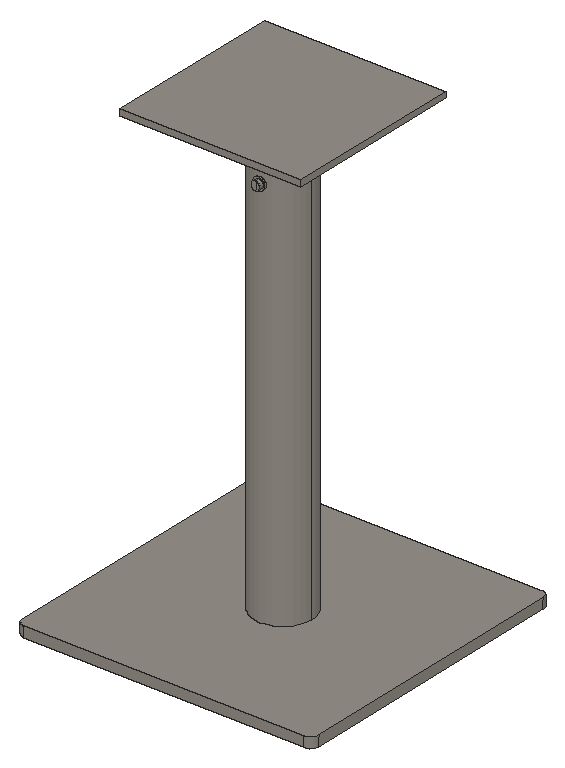
Revit family "Plymold-Aurora-Dining_Height-Table_Base", category Furniture, Revit 2022
Family settings
  OmniClass Number = 23.40.20.00
  OmniClass Title = General Furniture and Specialties
  Work Plane-Based = No
  Always vertical = Yes
  Cut with Voids When Loaded = No
  Render Appearance Source = Family Geometry
  Shared = Yes
  Room Calculation Point = No
Parameters (values of type "70609AL02")
  Width = 11"
  URL = "https://plymold.com/"
  Type Comments = "Aurora"  # constant formula
  Sustainability = "https://plymold.com/plymolds-sustainability-efforts/"
  Revit Model Built By = "https://www.servex-us.com/servex-revit/"
  Product Documentation Link = "https://plymold.com/product/aurora-dining-height-bolt-down-table-base/"
  Model = "70609AL02"
  Manufacturer = "Plymold Inc."  # constant formula
  Keynote = "12500"  # constant formula
  Height = 28 1/4"
  Grout In = no
  FRAME MATERIAL = PLY - Iron Glimme Powdercoat
  Dist Void = if(and(Height = 34 1/4"), 1", 0")  # 0"
  Dist Leg = if(and(Height = 34 1/4"), 0", 5 5/8")  # 5 5/8"
  Description = "Bolt Down - Iron Glimme - 11\"W x11\"D x 34.25\"H"
  Depth = 11"
  Default Elevation = 0"
  Cost = 0
  Bolt Down = not(Grout In)  # yes
  Assembly Code = "E2020200"
Types (4): name | Product Documentation Link | Model | Height | Grout In | FRAME MATERIAL | Dist Void | Dist Leg | Description | Bolt Down
  70709AL03 | "https://plymold.com/product/aurora-dining-height-grout-in-table-base/" | "70709AL03" | 34 1/4" | yes | PLY - Onyx Black Powdercoat | 1" | 0" | "Grout In - Onyx Black - 11\"W x11\"D x 34.25\"H" | no
  70709AL02 | "https://plymold.com/product/aurora-dining-height-grout-in-table-base/" | "70709AL02" | 34 1/4" | yes | PLY - Iron Glimme Powdercoat | 1" | 0" | "Grout In - Iron Glimmer - 11\"W x11\"D x 34.25\"H" | no
  70609AL03 | "https://plymold.com/product/aurora-dining-height-bolt-down-table-base/" | "70609AL03" | 28 1/4" | no | PLY - Onyx Black Powdercoat | 0" | 5 5/8" | "Bolt Down - Onyx Black - 11\"W x11\"D x 34.25\"H" | yes
  70609AL02 | "https://plymold.com/product/aurora-dining-height-bolt-down-table-base/" | "70609AL02" | 28 1/4" | no | PLY - Iron Glimme Powdercoat | 0" | 5 5/8" | "Bolt Down - Iron Glimme - 11\"W x11\"D x 34.25\"H" | yes
Reference planes (in)
  plane 1 "Center Front/Back": y = 0
  plane 2: z = 0
  plane 3 "Center Left/Right": x = 0
  plane 4: z = 28.25
  plane 5: z = 27.875
  plane 6: x = -5.5
  plane 7: x = 5.5
  plane 8: y = 5.5
  plane 9: y = -5.5
  plane 10: z = -0.125
  plane 11: z = 0.61426
  plane 12: z = -5
  plane 13: z = 0.625
Forms (in)
  Extrusion 1, solid, material "PLY - Iron Glimme Powdercoat" <- "FRAME MATERIAL"
    sketch origin (0, 0, 0) x (1, 0, 0) y (0, 1, 0)
      loop
        line (-5.5, 5.5) -> (-5.5, -5.5) -> (5.5, -5.5) -> (5.5, 5.5) -> (-5.5, 5.5)
    from 27.875 to 28.25
  Extrusion 2, solid, material "PLY - Iron Glimme Powdercoat" <- "FRAME MATERIAL"
    sketch origin (0, 0, 0) x (1, 0, 0) y (0, 1, 0)
      loop
        circle (0, 0) r 1.75784
    from 0.625 to 27.875
  Extrusion 3, solid, material "PLY - Iron Glimme Powdercoat" <- "FRAME MATERIAL"
    sketch origin (0, 0, 0) x (1, 0, 0) y (0, 1, 0)
      loop
        line (8.5, 9) -> (-8.5, 9)
        arc (-8.5, 9) -> (-8.85355, 8.85355) -> (-9, 8.5) r 0.5
        line (-9, 8.5) -> (-9, -8.5)
        arc (-9, -8.5) -> (-8.85355, -8.85355) -> (-8.5, -9) r 0.5
        line (-8.5, -9) -> (8.5, -9)
        arc (8.5, -9) -> (8.85355, -8.85355) -> (9, -8.5) r 0.5
        line (9, -8.5) -> (9, 8.5)
        arc (9, 8.5) -> (8.85355, 8.85355) -> (8.5, 9) r 0.5
    from 0 to 0.61426
  Revolve 4, solid, material "PLY - Iron Glimme Powdercoat" <- "FRAME MATERIAL"
    sketch origin (0, 0, 0) x (0, 1, 0) y (0, 0, 1)
      loop
        line (2.685, 24.5) -> (2.685, 24.56162) -> (2.62183, 24.62479) -> (2.041, 24.62479) -> (2.041, 24.71875) -> (1.815, 24.71875) -> (1.815, 24.86311) -> (1.74965, 24.86311) -> (1.74965, 24.62479) -> (-1.75316, 24.62479) -> (-1.75316, 24.87378) -> (-1.815, 24.87378) -> (-1.815, 24.75) -> (-2.065, 24.75) -> (-2.065, 24.5) -> (2.685, 24.5)
      axis (-2.065, 24.5) -> (2.685, 24.5)
    angle from 0 to 360
  Extrusion 5, void
    sketch origin (0, 0, 0) x (1, 0, 0) y (0, 1, 0)
      loop
        line (-9.00696, 9.00905) -> (-9.00696, -9.00905) -> (9.00696, -9.00905) -> (9.00696, 9.00905) -> (-9.00696, 9.00905)
      loop
        circle (0, 0) r 4.75
      loop
        circle (0, 0) r 1.75784
    from -0.125 to 0 <- "Dist Void"
Cuts and joins
  Extrusion 5 cuts Extrusion 3
Lines and regions (in)
  symbolic lines, style "FurnitureHiddenLines", visible <- "Bolt Down", detail levels fine
    curve 1: arc (-8.5, 9, 0) -> (-8.85355, 8.85355, 0) -> (-9, 8.5, 0) r 0.5
    curve 2: line (-9, 8.5, 0) -> (-9, -8.5, 0)
    curve 3: arc (-9, -8.5, 0) -> (-8.85355, -8.85355, 0) -> (-8.5, -9, 0) r 0.5
    curve 4: line (-8.5, -9, 0) -> (8.5, -9, 0)
    curve 5: arc (8.5, -9, 0) -> (8.85355, -8.85355, 0) -> (9, -8.5, 0) r 0.5
    curve 6: line (9, -8.5, 0) -> (9, 8.5, 0)
    curve 7: arc (9, 8.5, 0) -> (8.85355, 8.85355, 0) -> (8.5, 9, 0) r 0.5
    curve 8: line (8.5, 9, 0) -> (-8.5, 9, 0)
  symbolic lines, style "FurnitureHiddenLines", detail levels fine
    curve 9: line (-5.5, 5.5, 0) -> (5.5, 5.5, 0)
    curve 10: line (-5.5, -5.5, 0) -> (-5.5, 5.5, 0)
    curve 11: line (5.5, -5.5, 0) -> (-5.5, -5.5, 0)
    curve 12: line (5.5, 5.5, 0) -> (5.5, -5.5, 0)
  symbolic lines, style "FurnitureHiddenLines", visible <- "Grout In", detail levels fine
    curve 13: arc (-4.75, 0, 0) -> (0, 4.75, 0) -> (4.75, 0, 0) r 4.75
    curve 14: arc (4.75, 0, 0) -> (0, -4.75, 0) -> (-4.75, 0, 0) r 4.75
Dimensions and locks (in)
  locked: plane 4 to plane 5 at 0.375
  "Height": plane 4 to plane 2
  plane 5 to Revolve 4 sketch curve to Revolve 4 sketch curve to Revolve 4 sketch curve to Revolve 4 sketch curve to Revolve 4 sketch curve to Revolve 4 sketch curve to Revolve 4 sketch curve to Revolve 4 sketch curve to Revolve 4 sketch curve to Revolve 4 sketch curve to Revolve 4 sketch curve to Revolve 4 sketch curve to Revolve 4 sketch curve = 3.00122" locked, 0" locked, 0.01068" locked, 0" locked, 0.11311" locked, 0" locked, 1/32" locked, 0" locked, 0.09396" locked, 0" locked, 0" locked, 0" locked, 0.06317" locked
  equal spacing: plane 9, plane 1 "Center Front/Back", plane 8
  "Depth": plane 8 to plane 9
  equal spacing: plane 6, plane 3 "Center Left/Right", plane 7
  "Width": plane 6 to plane 7
  locked: plane 11 to plane 2 at 0.61426
  equal spacing: Extrusion 5 sketch curve, plane 3 "Center Left/Right", Extrusion 5 sketch curve, locked at 9.00696 each
  equal spacing: Extrusion 5 sketch curve, plane 1 "Center Front/Back", Extrusion 5 sketch curve, locked at 9.00905 each
  "Dist Leg": plane 13 to plane 12
  aligned and locked: level to plane 2
  aligned and locked: plane 4 to Extrusion 1
  aligned and locked: Extrusion 1 to plane 5
  aligned and locked: Extrusion 3 to plane 2
  aligned and locked: plane 3 "Center Left/Right" to Extrusion 2 sketch curve
  aligned and locked: plane 1 "Center Front/Back" to Extrusion 2 sketch curve
  aligned and locked: curve 9 to Extrusion 1
  aligned and locked: curve 10 to Extrusion 1
  aligned and locked: curve 11 to Extrusion 1
  aligned and locked: curve 12 to Extrusion 1
  aligned and locked: plane 5 to Extrusion 2
  aligned and locked: Revolve 4 sketch curve to Revolve 4 sketch curve
  aligned and locked: Extrusion 5 to plane 10
  aligned and locked: plane 3 "Center Left/Right" to Extrusion 5 sketch curve
  aligned and locked: plane 1 "Center Front/Back" to Extrusion 5 sketch curve
  aligned and locked: cut or joined group of Extrusion 3, Extrusion 5 to plane 11
  aligned and locked: cut or joined group of Extrusion 3, Extrusion 5 to plane 2
  aligned and locked: Extrusion 2 to plane 13
Automatic sketch dimensions
  plane 1 "Center Front/Back" to Revolve 4 sketch curve = 2.065"
  Revolve 4 sketch curve to Revolve 4 sketch curve = 1/4"
  Revolve 4 sketch curve to Revolve 4 sketch curve = 0.06184"
  Revolve 4 sketch curve to plane 1 "Center Front/Back" = 1.74965"
  Revolve 4 sketch curve to Revolve 4 sketch curve = 0.06535"
  Revolve 4 sketch curve to Revolve 4 sketch curve = 0.226"
  Revolve 4 sketch curve to Revolve 4 sketch curve = 0.58083"
  Revolve 4 sketch curve to Revolve 4 sketch curve = 0.06317"
  Revolve 4 sketch curve to Revolve 4 sketch curve = 0.06162"  (x2)
  Revolve 4 sketch curve to Revolve 4 sketch curve = 0"
  curve 8 to curve 9 = 3"
  Extrusion 1 sketch curve to plane 3 "Center Left/Right" = 5 1/2"
  Extrusion 3 sketch curve to plane 3 "Center Left/Right" = 8 1/2"  (x2)
  curve 3 to curve 10 = 3"
  curve 9 to curve 7 = 3"
  Extrusion 1 sketch curve to plane 1 "Center Front/Back" = 5 1/2"
  Extrusion 3 sketch curve to plane 1 "Center Front/Back" = 8 1/2"
  curve 9 to curve 8 = 3"
  curve 11 to curve 5 = 3"
  plane 3 "Center Left/Right" to Extrusion 1 sketch curve = 5 1/2"
  plane 3 "Center Left/Right" to Extrusion 3 sketch curve = 8 1/2"  (x2)
  Extrusion 3 sketch curve to Extrusion 3 sketch curve = 1/2"  (x2)
  curve 2 to curve 1 = 1/2"
  curve 5 to curve 6 = 1/2"
  curve 6 to curve 11 = 3"
  plane 1 "Center Front/Back" to Extrusion 1 sketch curve = 5 1/2"
  plane 1 "Center Front/Back" to Extrusion 3 sketch curve = 8 1/2"
  Extrusion 5 sketch curve to Extrusion 5 sketch curve = 0"  (x2)
  plane 6 to Extrusion 5 sketch curve = 3.50696"
  plane 9 to Extrusion 5 sketch curve = 3.50905"
  curve 13 to curve 14 = 0"  (x2)
  plane 1 "Center Front/Back" to curve 13 = 0"
  curve 14 to plane 3 "Center Left/Right" = 0"
  curve 13 to plane 6 = 3/4"
  radius of Extrusion 2 sketch curve = 1.75784"
  radius of Extrusion 5 sketch curve = 4 3/4"
  radius of Extrusion 5 sketch curve = 1.75784"
